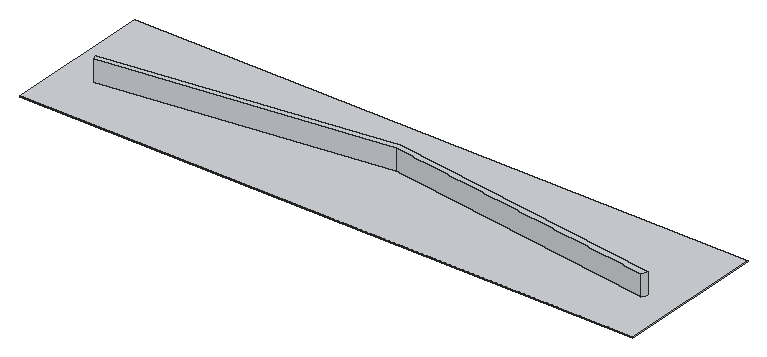
Revit family "UMB-7 (Diverter Plate)", category Mechanical Equipment, Revit 2015
Parameters
  Width = 5' - 0"
  URL = "https://unitedenertech.com/catalog/pdf/M_33%20UMB-7.pdf"
  Type Comments = "Consult Factory for Max. Sizes"
  Roof Slope (Degrees) = 2.00°
  Model = "UMB-7 (Diverter Plate)"
  Manufacturer = "United Enertech Corporation"
  Keynote = "Shipped with Loose Rib Closures"
  Description = "Metal Building Roof Curb"
Reference planes (in)
  plane 1 "Center (Front/Back)": y = 0
  plane 2: z = 0
  plane 3 "Center (Left/Right)": x = 0
  plane 4: y = -5
  plane 5: y = -9
  plane 6: y = -14
  plane 7: x = -30
  plane 8: x = 30
  plane 9: z = 0.0747
  plane 10: x = 27
  plane 11: x = -27
  plane 12: x = -26.75
  plane 13: y = -8.5
  plane 14: y = -5.5
  plane 15: x = 26.75
  plane 16: z = 2.0747
  plane 17: z = 3.5747
  plane 18: z = -63.05077
Forms (in)
  Extrusion 1, solid
    sketch origin (0, 0, 0) x (0, 1, 0) y (0, 0, 1)
      loop
        line (0, 0.0747) -> (-14, -0.41419) -> (-14, -0.48889) -> (0, 0) -> (0, 0.0747)
    from -30 to 30
  Extrusion 2, solid
    sketch origin (0, 0, 0) x (1, 0, 0) y (0, 1, 0)
      loop
        line (-27, -8.5) -> (-26.75, -9) -> (0, -5.54167) -> (26.75, -9) -> (27, -8.5) -> (0, -5) -> (-27, -8.5)
    from -63.05077 to 3.5747
  Extrusion 3, void
    sketch origin (0, 0, 0) x (0, 1, 0) y (0, 0, 1)
      loop
        line (0, 2.0747) -> (0, 16.10751) -> (-14, 16.10751) -> (-14, 1.58581) -> (0, 2.0747)
    from -30 to 30
  Extrusion 4, void
    sketch origin (0, 0, 0) x (0, 1, 0) y (0, 0, 1)
      loop
        line (0, 0) -> (-14, -0.48889) -> (-14, -74.44026) -> (0, -74.44026) -> (0, 0)
    from -30 to 30
Cuts and joins
  Extrusion 3, Extrusion 4 cuts Extrusion 2
  Extrusion 4 cuts Extrusion 1
Lines and regions (in)
  reference lines
    curve 1: line (0, 0, 0) -> (0, -98.93969, -3.45505)
    curve 2: line (0, 0, 0.0747) -> (0, -50.21939, -1.679)
    curve 3: line (0, 0, 2.0747) -> (0, -71.45644, -0.42061)
Dimensions and locks (in)
  locked: plane 1 "Center (Front/Back)" to plane 6 at 14
  locked: plane 5 to plane 6 at 5
  locked: plane 1 "Center (Front/Back)" to plane 4 at 5
  equal spacing: plane 7, plane 3 "Center (Left/Right)", plane 8
  "Width": plane 7 to plane 8
  locked: plane 9 to level at 0.0747
  locked: plane 10 to plane 8 at 3
  locked: plane 7 to plane 11 at 3
  locked: plane 13 to plane 5 at 0.5
  locked: plane 4 to plane 14 at 0.5
  locked: plane 11 to plane 12 at 0.25
  locked: plane 15 to plane 10 at 0.25
  locked: plane 16 to plane 9 at 2
  locked: plane 17 to plane 16 at 1.5
  locked: level to plane 18 at 63.05077
  "Roof Slope (Degrees)": angle curve 1 to level
  "Roof Slope (Degrees)": angle curve 2 to level
  "Roof Slope (Degrees)": angle curve 3 to plane 16
  aligned and locked: level to plane 2
  aligned and locked: plane 1 "Center (Front/Back)" to curve 1
  aligned and locked: level to curve 1
  aligned and locked: plane 9 to curve 2
  aligned and locked: plane 1 "Center (Front/Back)" to curve 2
  aligned and locked: Extrusion 1 sketch curve to plane 1 "Center (Front/Back)"
  aligned and locked: Extrusion 1 sketch curve to plane 6
  aligned and locked: Extrusion 1 sketch curve to curve 2
  aligned and locked: Extrusion 1 sketch curve to curve 1
  aligned and locked: plane 7 to Extrusion 1
  aligned and locked: Extrusion 1 to plane 8
  aligned and locked: plane 13 to Extrusion 2 sketch curve  (x2)
  aligned and locked: plane 11 to Extrusion 2 sketch curve
  aligned and locked: plane 5 to Extrusion 2 sketch curve  (x2)
  aligned and locked: plane 12 to Extrusion 2 sketch curve
  aligned and locked: plane 3 "Center (Left/Right)" to Extrusion 2 sketch curve  (x2)
  aligned and locked: plane 4 to Extrusion 2 sketch curve
  aligned and locked: plane 15 to Extrusion 2 sketch curve
  aligned and locked: plane 10 to Extrusion 2 sketch curve
  aligned and locked: plane 1 "Center (Front/Back)" to curve 3
  aligned and locked: plane 16 to curve 3
  aligned and locked: plane 17 to Extrusion 2
  aligned and locked: Extrusion 2 to plane 18
  aligned and locked: Extrusion 3 sketch curve to curve 3
  aligned and locked: Extrusion 3 sketch curve to plane 1 "Center (Front/Back)"
  aligned and locked: Extrusion 3 sketch curve to plane 6
  aligned and locked: plane 7 to Extrusion 3
  aligned and locked: Extrusion 3 to plane 8
  aligned and locked: Extrusion 4 sketch curve to curve 1
  aligned and locked: Extrusion 4 sketch curve to plane 1 "Center (Front/Back)"
  aligned and locked: plane 6 to Extrusion 4 sketch curve
  aligned and locked: plane 7 to Extrusion 4
  aligned and locked: Extrusion 4 to plane 8
Automatic sketch dimensions
  Extrusion 2 sketch curve to plane 14 = 0' - 0.04167"
  Extrusion 3 sketch curve to Extrusion 3 sketch curve = 1' - 2.5217"
  Extrusion 4 sketch curve to plane 18 = 0' - 11.38948"
